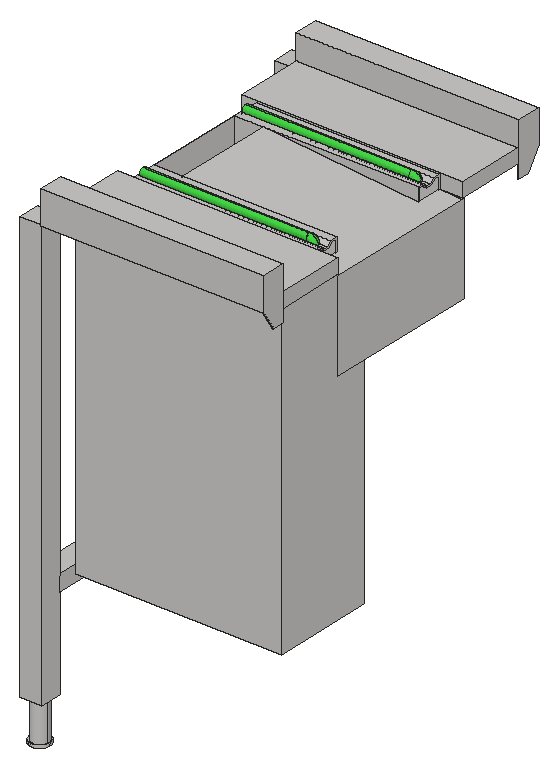
Revit family "QF_ELECTROLUXPROFESSIONAL_863167_HSBCCDULR4", category Specialty Equipment, Revit 2018
Family settings
  Round Connector Dimension = Use Diameter
  Part Type = Normal
  Work Plane-Based = No
  Always vertical = Yes
  Cut with Voids When Loaded = No
  Shared = No
  Room Calculation Point = No
Parameters (values of type "QF_ELECTROLUX_863167_HSBCCDULR4")
  Weight = 40.00 kg
  Watts = 27.8709 W
  Volts = 230 V
  URL Manufacturer = "http://professional.electrolux.com"
  URL = "http://professional.electrolux.com"
  Steam Supply Size = 0 mm
  Steam Supply Minimum Pressure = 0.0 Pa
  Steam Supply Maximum Pressure = 0.0 Pa
  Steam Pounds per Hour = 0
  Refrigeration Suction Line Size = 0 mm
  Refrigeration Liquid Line Size = 0 mm
  Refrigerant Compressor Remote = yes
  Manufacturer = "Electrolux"
  Phase = 1
  Model = "HSBCCDULR4"
  Length Actual = 400 mm  # constant formula
  Item Number = "863167"
  Hot Water Size = 0 mm
  Height Actual = 910 mm  # constant formula
  HP = "0.4 HP"
  Gas Size = 0 mm
  Gas KW = 0
  Gas Input Pressure = 0 W
  Description = "DRIVE UNIT OF CORD CONVEYOR FOR BASKETS, LEFT>RIGHT OPERATION"
  Depth Actual = 620 mm  # constant formula
  Cycle = 60 Hz
  Condensate Return Size = 0 mm
  Compressed Air Volume = 0.0 L/s
  Compressed Air Size = 0 mm
  Compressed Air Pressure = 0.0 Pa
  Cold Water Size = 0 mm
  Accessory = yes
Types (2, lengths in mm): name | URL | Manufacturer | Phase | Model | Description
  (no name) | 0 | 0 | 0 | 0 | 0
  QF_ELECTROLUX_863167_HSBCCDULR4 | "http://professional.electrolux.com" | "Electrolux" | 1 | "HSBCCDULR4" | "DRIVE UNIT OF CORD CONVEYOR FOR BASKETS, LEFT>RIGHT OPERATION"
Values of the unnamed type that differ from the named types
  Watts = 0 W
  Volts = 0 V
  URL Manufacturer = ""
  Item Number = ""
  HP = ""
  Cycle = 0 Hz
Reference planes
  plane 1 "Centro (Fronte/Retro)": y = 74.737
  plane 2: z = 0
  plane 3 "LEFT": x = -1038.761
  plane 4 "BACK": y = 384.737
  plane 5 "FRONT": y = -235.263
  plane 6: z = 910
  plane 7 "RIGHT": x = -638.761
Forms (mm)
  Extrusion 1, solid, material "QF_Finishes_Stainless Steel"
    sketch origin (0, 74.737, -30) x (1, 0, 0) y (0, 0, 1)
      loop
        line (-1079.929, 300) -> (-1079.929, 270) -> (-1039.929, 270) -> (-1039.929, 300) -> (-1079.929, 300)
    from -266.504 to 266.46
  Extrusion 2, solid, material "QF_Finishes_Stainless Steel"
    sketch origin (11.239, 0, 0) x (0, 1, 0) y (0, 0, 1)
      loop
        line (-235.263, 910) -> (-235.263, 850.033) -> (-190.242, 850.033) -> (-190.242, 910) -> (-235.263, 910)
      loop
        line (384.737, 910) -> (339.716, 910) -> (339.716, 850.033) -> (384.737, 850.033) -> (384.737, 910)
    from -1051.168 to -651.2
  Extrusion 3, solid, material "QF_Finishes_Stainless Steel"
    sketch origin (11.239, 0, 0) x (0, 1, 0) y (0, 0, 1)
      loop
        line (-66.554, 838.074) -> (-66.554, 675) -> (216.072, 675) -> (216.072, 838.074) -> (214.543, 838.074) -> (214.543, 678) -> (-65.069, 678) -> (-65.069, 838.074) -> (-66.554, 838.074)
    from -1048.8 to -651.2
  Extrusion 4, solid, material "QF_Finishes_Stainless Steel"
    sketch origin (661.239, 723.253, 4000) x (0, 1, 0) y (0, 0, 1)
      loop
        line (-958.516, -3090) -> (-958.516, -3149.967) -> (-934.752, -3185.632) -> (-913.495, -3185.632) -> (-913.495, -3090) -> (-958.516, -3090)
      loop
        line (-338.516, -3090) -> (-383.538, -3090) -> (-383.538, -3185.632) -> (-362.281, -3185.632) -> (-338.516, -3149.967) -> (-338.516, -3090)
      loop
        line (-789.808, -3325) -> (-507.182, -3325) -> (-507.182, -3163.769) -> (-789.808, -3163.769) -> (-789.808, -3325)
    from -1300 to -1301.2
  Revolve 5, solid, material "QF_Finishes_Stainless Steel"
    sketch origin (-943.761, 0, 56.967) x (0, 1, 0) y (0, 0, 1)
      loop
        line (74.737, 618.033) -> (-1.756, 618.033) -> (-1.756, 601.823) -> (0.354, 601.823)
        arc (0.354, 601.823) -> (3.64, 597.973) -> (0.351, 594.125) r 3.897
        line (0.351, 594.125) -> (-1.756, 594.125) -> (-1.756, 551.31)
        arc (-1.756, 551.31) -> (8.91, 520.632) -> (36.296, 503.17) r 49.497
        line (36.296, 503.17) -> (36.296, 500.684) -> (37.487, 497.398) -> (51.25, 491.407) -> (51.25, 455.535) -> (52.727, 454.059) -> (74.737, 454.059) -> (74.737, 618.033)
      axis (74.737, 454.059) -> (74.737, 618.033)
    angle from 0 to 360
  Extrusion 6, solid, material "QF_Finishes_Stainless Steel"
    sketch origin (-537.561, 723.253, 4000) x (0, 1, 0) y (0, 0, 1)
      loop
        line (-788.322, -3161.926) -> (-788.322, -3325) -> (-508.711, -3325) -> (-508.711, -3161.926) -> (-788.322, -3161.926)
    from -500 to -501.2
  Extrusion 7, solid, material "QF_Finishes_Stainless Steel"
    sketch origin (-638.761, 723.253, 4000) x (0, 1, 0) y (0, 0, 1)
      loop
        line (-554.766, -3322) -> (-554.766, -3139.426) -> (-544.766, -3139.426) -> (-537.695, -3146.497) -> (-527.782, -3146.497) -> (-520.711, -3139.426) -> (-510.711, -3139.426) -> (-510.711, -3322) -> (-508.711, -3322) -> (-508.711, -3137.426) -> (-521.539, -3137.426) -> (-528.61, -3144.497) -> (-536.867, -3144.497) -> (-543.938, -3137.426) -> (-556.766, -3137.426) -> (-556.766, -3322) -> (-554.766, -3322)
    from -42.135 to -372.107
  Extrusion 8, solid, material "QF_Finishes_Stainless Steel"
    sketch origin (-638.761, -573.779, 4000) x (0, -1, 0) y (0, 0, -1)
      loop
        line (-554.766, 3322) -> (-556.766, 3322) -> (-556.766, 3137.426) -> (-543.938, 3137.426) -> (-536.867, 3144.497) -> (-528.61, 3144.497) -> (-521.539, 3137.426) -> (-508.711, 3137.426) -> (-508.711, 3322) -> (-510.711, 3322) -> (-510.711, 3139.426) -> (-520.711, 3139.426) -> (-527.782, 3146.497) -> (-537.695, 3146.497) -> (-544.766, 3139.426) -> (-554.766, 3139.426) -> (-554.766, 3322)
    from -42.135 to -372.107
  Sweep 9, solid, material "QF_Finishes_Green"
    path origin (0, 168.487, 0) x (1, 0, 0) y (0, 0, 1)
      loop
        line (-1010.868, 858.082) -> (-710.868, 858.082)
        arc (-710.868, 858.082) -> (-706.488, 853.703) -> (-710.868, 849.324) r 4.379
        line (-710.868, 849.324) -> (-1010.868, 849.324)
    profile origin (-860.868, 168.487, 858.082) x (0, 0, 1) y (0, -1, 0)
      loop
        circle (4.375, -21.875) r 7
  Extrusion 10, solid, material "QF_Finishes_Stainless Steel"
    sketch origin (0, 0, 0) x (1, 0, 0) y (0, 1, 0)
      loop
        line (-639.961, -190.242) -> (-639.961, -65.069) -> (-1037.561, -65.069) -> (-1037.561, -190.242) -> (-639.961, -190.242)
    from 838.074 to 864.923
  Extrusion 11, solid, material "QF_Finishes_Stainless Steel"
    sketch origin (0, 149.474, 0) x (1, 0, 0) y (0, 1, 0)
      loop
        line (-639.961, 190.242) -> (-1037.561, 190.242) -> (-1037.561, 65.069) -> (-639.961, 65.069) -> (-639.961, 190.242)
    from 838.074 to 864.923
  Extrusion 12, solid, material "QF_Finishes_Stainless Steel"
    sketch origin (-638.761, -17.013, 621.033) x (0, 0, 1) y (1, 0, 0)
      loop
        line (241.541, -320.794) -> (214.781, -1.2) -> (211.77, -1.2) -> (238.531, -320.794) -> (241.541, -320.794)
    from 0 to 183.5
  Extrusion 13, solid, material "QF_Finishes_Stainless Steel"
    sketch origin (-638.761, 166.487, 621.033) x (0, 0, 1) y (1, 0, 0)
      loop
        line (218.209, -42.135) -> (214.781, -1.2) -> (211.77, -1.2) -> (215.198, -42.135) -> (218.209, -42.135)
    from 0 to 48.056
  Extrusion 14, solid, material "QF_Finishes_Stainless Steel"
    sketch origin (-638.761, -17.013, 621.033) x (0, 0, 1) y (-1, 0, 0)
      loop
        line (218.209, 42.135) -> (215.198, 42.135) -> (211.77, 1.2) -> (214.781, 1.2) -> (218.209, 42.135)
    from 0 to 48.056
  Sweep 15, solid, material "QF_Finishes_Green"
    path origin (0, -19.013, 0) x (1, 0, 0) y (0, 0, -1)
      loop
        line (-1010.868, -858.082) -> (-710.868, -858.082)
        arc (-710.868, -858.082) -> (-706.488, -853.703) -> (-710.868, -849.324) r 4.379
        line (-710.868, -849.324) -> (-1010.868, -849.324)
    profile origin (-860.868, -19.013, 858.082) x (0, 0, -1) y (0, 1, 0)
      loop
        circle (-4.375, -21.875) r 7
  Extrusion 16, solid, material "QF_Finishes_Stainless Steel"
    sketch origin (-1079.929, -231.771, 850.033) x (0, 1, 0) y (0, 0, -1)
      loop
        line (40, 570.033) -> (40, 11.959) -> (165.216, 11.959) -> (165.216, 175.033) -> (225, 175.033) -> (225, 570.033) -> (40, 570.033)
    from -439.968 to -69.061
  Extrusion 17, solid, material "QF_Finishes_Stainless Steel"
    sketch origin (11.239, 216.072, 862.626) x (0, 0, -1) y (-1, 0, 0)
      loop
        circle (71.992, 765.403) r 30
      loop
        circle (71.992, 765.403) r 27.49
    from 0 to 14.167
  Extrusion 18, solid, material "QF_Finishes_Stainless Steel"
    sketch origin (11.239, 216.072, 862.626) x (0, 0, -1) y (-1, 0, 0)
      loop
        circle (73.488, 764.98) r 15
      loop
        circle (73.488, 764.98) r 12.291
    from 0 to 22.028
  Extrusion 19, solid, material "QF_Finishes_Stainless Steel"
    sketch origin (-638.761, 214.543, 621.033) x (0, 0, -1) y (-1, 0, 0)
      loop
        circle (-168.106, 114.98) r 12.291
    from 0 to 21.577
  Extrusion 20, solid, material "QF_Finishes_Stainless Steel"
    sketch origin (-638.761, 214.543, 621.033) x (0, 0, -1) y (-1, 0, 0)
      loop
        arc (-180.095, 64.916) -> (-168.731, 57.53) -> (-157.367, 64.916) r 12.435
        line (-157.367, 64.916) -> (-140.419, 103.28)
        arc (-140.419, 103.28) -> (-138.507, 109.208) -> (-137.86, 115.403) r 30
        arc (-137.86, 115.403) -> (-138.493, 121.638) -> (-140.364, 127.619) r 31.053
        line (-140.364, 127.619) -> (-157.367, 165.889)
        arc (-157.367, 165.889) -> (-168.731, 173.275) -> (-180.095, 165.889) r 12.435
        line (-180.095, 165.889) -> (-197.098, 127.619)
        arc (-197.098, 127.619) -> (-198.969, 121.638) -> (-199.601, 115.403) r 31.053
        arc (-199.601, 115.403) -> (-198.955, 109.208) -> (-197.043, 103.28) r 30
        line (-197.043, 103.28) -> (-180.095, 64.916)
      loop
        arc (-198.872, 128.334) -> (-200.912, 122.011) -> (-201.601, 115.403) r 32
        arc (-201.601, 115.403) -> (-200.912, 108.795) -> (-198.872, 102.472) r 32
        line (-198.872, 102.472) -> (-181.924, 64.106)
        arc (-181.924, 64.106) -> (-168.731, 55.53) -> (-155.538, 64.106) r 14.435
        line (-155.538, 64.106) -> (-138.59, 102.472)
        arc (-138.59, 102.472) -> (-136.55, 108.795) -> (-135.86, 115.403) r 32
        arc (-135.86, 115.403) -> (-136.535, 122.046) -> (-138.531, 128.418) r 33.053
        line (-138.531, 128.418) -> (-155.539, 166.701)
        arc (-155.539, 166.701) -> (-168.731, 175.275) -> (-181.923, 166.701) r 14.435
        line (-181.923, 166.701) -> (-198.872, 128.334)
    from 1.529 to 6.738
  Extrusion 21, solid, material "QF_Finishes_Stainless Steel"
    sketch origin (-638.761, 214.543, 621.033) x (0, 0, -1) y (-1, 0, 0)
      loop
        circle (-168.731, 69.965) r 12.435
      loop
        circle (-168.731, 160.84) r 12.435
    from 1.529 to 6.738
Cuts and joins
  joined: Extrusion 2, Extrusion 3, Extrusion 4, Revolve 5, Extrusion 6
  joined: Extrusion 12, Extrusion 13, Extrusion 14
Lines and regions (mm)
  Split face 1
    outline origin (-639.961, 214.543, 678) x (-1, 0, 0) y (0, -1, 0)
      loop
        circle (303.8, 139.806) r 74.384
  Split face 2
    outline origin (-639.961, 214.543, 678) x (-1, 0, 0) y (0, -1, 0)
      loop
        circle (303.8, 139.806) r 54.384
  Split face 3
    outline origin (-639.961, 214.543, 678) x (-1, 0, 0) y (0, -1, 0)
      loop
        circle (303.8, 139.806) r 34.384
  Split face 4
    outline origin (-639.961, 214.543, 678) x (-1, 0, 0) y (0, -1, 0)
      loop
        circle (303.8, 139.806) r 14.384
  symbolic lines
    curve 1: line (-638.761, 384.737, 0) -> (-1038.761, 384.737, 0)
    curve 2: line (-1038.761, 384.737, 0) -> (-1038.761, -235.263, 0)
    curve 3: line (-1038.761, 339.716, 0) -> (-638.761, 339.716, 0)
    curve 4: line (-1038.761, -235.263, 0) -> (-638.761, -235.263, 0)
    curve 5: line (-638.761, -235.263, 0) -> (-638.761, -63.069, 0)
    curve 6: line (-638.761, -190.242, 0) -> (-1038.761, -190.242, 0)
    curve 7: line (-638.761, 74.737, 0) -> (-668.761, 74.737, 0)
    curve 8: line (-1038.761, 74.737, 0) -> (-1008.761, 74.737, 0)
    curve 9: arc (-959.555, -0.108, 0) -> (-1020.254, 74.737, 0) -> (-959.555, 149.582, 0) r 76.494
    curve 10: arc (-959.555, 90.066, 0) -> (-965.771, 74.737, 0) -> (-959.555, 59.408, 0) r 22.01
    curve 11: line (-639.961, 212.543, 0) -> (-638.761, 212.543, 0)
    curve 12: line (-639.961, 214.543, 0) -> (-1038.761, 214.543, 0)
    curve 13: line (-1010.868, 214.543, 0) -> (-1010.868, 166.487, 0)
    curve 14: line (-1010.868, 166.487, 0) -> (-639.961, 166.487, 0)
    curve 15: line (-639.961, 166.487, 0) -> (-639.961, 214.543, 0)
    curve 16: line (-954.961, 197.362, 0) -> (-639.961, 197.362, 0)
    curve 17: line (-954.961, 183.362, 0) -> (-639.961, 183.362, 0)
    curve 18: arc (-954.961, 197.362, 0) -> (-959.911, 195.312, 0) -> (-961.961, 190.362, 0) r 7
    curve 19: arc (-961.961, 190.362, 0) -> (-959.911, 185.412, 0) -> (-954.961, 183.362, 0) r 7
    curve 20: line (-638.761, 168.487, 0) -> (-639.961, 168.487, 0)
    curve 21: line (-638.761, -19.013, 0) -> (-638.761, 168.487, 0)
    curve 22: line (-639.961, -63.069, 0) -> (-638.761, -63.069, 0)
    curve 23: line (-639.961, -65.069, 0) -> (-1010.868, -65.069, 0)
    curve 24: line (-1010.868, -65.069, 0) -> (-1010.868, -17.013, 0)
    curve 25: line (-1038.761, -17.013, 0) -> (-639.961, -17.013, 0)
    curve 26: line (-639.961, -17.013, 0) -> (-639.961, -65.069, 0)
    curve 27: line (-954.961, -47.888, 0) -> (-639.961, -47.888, 0)
    curve 28: line (-954.961, -33.888, 0) -> (-639.961, -33.888, 0)
    curve 29: arc (-954.961, -47.888, 0) -> (-959.911, -45.838, 0) -> (-961.961, -40.888, 0) r 7
    curve 30: arc (-961.961, -40.888, 0) -> (-959.911, -35.938, 0) -> (-954.961, -33.888, 0) r 7
    curve 31: line (-638.761, -19.013, 0) -> (-639.961, -19.013, 0)
    curve 32: line (-638.761, 212.543, 0) -> (-638.761, 384.737, 0)
    curve 33: line (-959.555, 166.487, 0) -> (-959.555, -17.013, 0)
Dimensions and locks
  plane 3 "LEFT" to plane 7 "RIGHT" = 400 mm
  equal spacing: plane 4 "BACK", plane 1 "Centro (Fronte/Retro)", plane 5 "FRONT"
  plane 4 "BACK" to plane 5 "FRONT" = 620 mm
  cut or joined group of Extrusion 2, Extrusion 3, Extrusion 4, Revolve 5, Extrusion 6 to cut or joined group of Extrusion 2, Extrusion 3, Extrusion 4, Revolve 5, Extrusion 6 = 279.612 mm
  plane 6 to level = 910 mm
  plane 6 to Extrusion 1 = 640 mm
  cut or joined group of Extrusion 2, Extrusion 3, Extrusion 4, Revolve 5, Extrusion 6 to plane 3 "LEFT" = 95 mm
  Extrusion 1 to plane 7 "RIGHT" = 441.168 mm
  aligned and locked: level to plane 2
Automatic sketch dimensions
  Extrusion 1 sketch curve to plane 3 "LEFT" = 41.168 mm
  Extrusion 1 sketch curve to plane 3 "LEFT" = 1.168 mm
  level to Extrusion 1 sketch curve = 240 mm
  Extrusion 1 sketch curve to Extrusion 1 sketch curve = 30 mm
  Extrusion 2 sketch curve to plane 5 "FRONT" = 0 mm
  Extrusion 2 sketch curve to plane 6 = 0 mm  (x2)
  Extrusion 2 sketch curve to plane 4 "BACK" = 0 mm
  plane 5 "FRONT" to Extrusion 2 sketch curve = 45.021 mm
  Extrusion 2 sketch curve to plane 4 "BACK" = 45.021 mm
  Extrusion 2 sketch curve to Extrusion 2 sketch curve = 59.967 mm  (x2)
  Revolve 5 sketch curve to plane 1 "Centro (Fronte/Retro)" = 0 mm  (x2)
  plane 1 "Centro (Fronte/Retro)" to Revolve 5 sketch curve = 22.01 mm
  plane 1 "Centro (Fronte/Retro)" to Revolve 5 sketch curve = 23.487 mm
  plane 1 "Centro (Fronte/Retro)" to Revolve 5 sketch curve = 26.996 mm
  Revolve 5 sketch curve to Revolve 5 sketch curve = 13.764 mm
  Revolve 5 sketch curve to Revolve 5 sketch curve = 1.191 mm
  Revolve 5 sketch curve to Revolve 5 sketch curve = 47.387 mm
  Revolve 5 sketch curve to Revolve 5 sketch curve = 0.003 mm
  Revolve 5 sketch curve to Revolve 5 sketch curve = 0.61 mm
  Revolve 5 sketch curve to Revolve 5 sketch curve = 2.107 mm
  Revolve 5 sketch curve to Revolve 5 sketch curve = 2.11 mm
  level to Revolve 5 sketch curve = 511.026 mm
  Revolve 5 sketch curve to Revolve 5 sketch curve = 1.476 mm
  Revolve 5 sketch curve to Revolve 5 sketch curve = 35.872 mm
  Revolve 5 sketch curve to Revolve 5 sketch curve = 5.991 mm
  Revolve 5 sketch curve to Revolve 5 sketch curve = 3.286 mm
  Revolve 5 sketch curve to Revolve 5 sketch curve = 2.486 mm
  Revolve 5 sketch curve to Revolve 5 sketch curve = 48.139 mm
  Revolve 5 sketch curve to Revolve 5 sketch curve = 42.815 mm
  Revolve 5 sketch curve to Revolve 5 sketch curve = 3.849 mm
  Revolve 5 sketch curve to Revolve 5 sketch curve = 66.706 mm
  Revolve 5 sketch curve to Revolve 5 sketch curve = 3 mm
  Revolve 5 sketch curve to Revolve 5 sketch curve = 14.991 mm
  Extrusion 4 to Extrusion 7 sketch curve = 173.229 mm
  Extrusion 7 sketch curve to Extrusion 7 sketch curve = 2 mm  (x5)
  Extrusion 7 sketch curve to Extrusion 7 sketch curve = 10 mm
  Extrusion 7 sketch curve to Extrusion 7 sketch curve = 0.828 mm  (x4)
  Extrusion 7 sketch curve to Extrusion 7 sketch curve = 7.071 mm  (x3)
  Extrusion 7 sketch curve to Extrusion 7 sketch curve = 8.257 mm
  Extrusion 7 sketch curve to Extrusion 7 sketch curve = 44.056 mm
  Extrusion 7 sketch curve to Extrusion 7 sketch curve = 5.071 mm
  Extrusion 4 to Extrusion 8 sketch curve = 173.229 mm
  Extrusion 8 sketch curve to Extrusion 8 sketch curve = 2 mm  (x5)
  Extrusion 8 sketch curve to Extrusion 8 sketch curve = 10 mm
  Extrusion 8 sketch curve to Extrusion 8 sketch curve = 0.828 mm  (x4)
  Extrusion 8 sketch curve to Extrusion 8 sketch curve = 7.071 mm  (x2)
  Extrusion 8 sketch curve to Extrusion 8 sketch curve = 8.257 mm
  Extrusion 8 sketch curve to Extrusion 8 sketch curve = 44.056 mm
  Extrusion 8 sketch curve to Extrusion 8 sketch curve = 9.071 mm
  Sweep 9 sketch curve to plane 7 "RIGHT" = 72.107 mm
  Sweep 9 sketch curve to plane 6 = 60.676 mm
  Sweep 9 sketch curve to Sweep 9 sketch curve = 4.379 mm
  plane 3 "LEFT" to Sweep 9 sketch curve = 27.893 mm
  Sweep 9 sketch curve to Sweep 9 sketch curve = 0 mm
  Sweep 9 sketch curve to profile plane = 4.375 mm
  plane 3 "LEFT" to Extrusion 10 sketch curve = 1.2 mm
  Extrusion 10 sketch curve to plane 7 "RIGHT" = 1.2 mm
  plane 5 "FRONT" to Extrusion 10 sketch curve = 45.021 mm
  Extrusion 10 sketch curve to Extrusion 10 sketch curve = 125.173 mm
  Extrusion 11 sketch curve to plane 3 "LEFT" = 1.2 mm
  plane 7 "RIGHT" to Extrusion 11 sketch curve = 1.2 mm
  plane 4 "BACK" to Extrusion 11 sketch curve = 45.021 mm
  Extrusion 12 sketch curve to Extrusion 8 = 0 mm
  Extrusion 8 to Extrusion 12 sketch curve = 3.01 mm
  Extrusion 8 to Extrusion 12 sketch curve = 26.76 mm
  Extrusion 12 sketch curve to Extrusion 12 sketch curve = 3.01 mm
  Extrusion 8 to Extrusion 12 sketch curve = 51.312 mm
  Extrusion 12 sketch curve to Extrusion 8 = 40.935 mm
  Extrusion 13 sketch curve to Extrusion 12 = 0 mm  (x4)
  Extrusion 12 to Extrusion 13 sketch curve = 0 mm
  Extrusion 13 sketch curve to Extrusion 12 = 40.935 mm
  Extrusion 14 sketch curve to plane 7 "RIGHT" = 1.2 mm
  Extrusion 14 sketch curve to plane 6 = 77.197 mm
  Extrusion 14 sketch curve to Extrusion 14 sketch curve = 3.01 mm  (x2)
  Extrusion 14 sketch curve to Extrusion 14 sketch curve = 0.417 mm
  Extrusion 14 sketch curve to Extrusion 14 sketch curve = 40.935 mm
  Sweep 15 sketch curve to plane 7 "RIGHT" = 72.107 mm
  Sweep 15 sketch curve to plane 6 = 51.918 mm
  Sweep 15 sketch curve to Sweep 15 sketch curve = 4.379 mm
  plane 3 "LEFT" to Sweep 15 sketch curve = 27.893 mm
  Sweep 15 sketch curve to Sweep 15 sketch curve = 0 mm
  profile plane to Sweep 15 sketch curve = 4.375 mm
  Sweep 15 sketch curve to profile plane = 21.875 mm
  Sweep 9 sketch curve to profile plane = 21.875 mm
  Extrusion 11 sketch curve to Extrusion 11 sketch curve = 125.173 mm
  Extrusion 16 sketch curve to nested 2 = 0 mm
  nested 2 to Extrusion 16 sketch curve = 125.216 mm
  Extrusion 16 sketch curve to Extrusion 16 sketch curve = 185 mm
  nested 2 to Extrusion 16 sketch curve = 11.959 mm
  Extrusion 16 sketch curve to Extrusion 16 sketch curve = 163.074 mm
  nested 2 to Extrusion 16 sketch curve = 205 mm
  plane 1 "Centro (Fronte/Retro)" to Extrusion 3 sketch curve = 141.292 mm
  Extrusion 3 sketch curve to Extrusion 3 sketch curve = 1.486 mm
  Extrusion 3 sketch curve to plane 1 "Centro (Fronte/Retro)" = 139.806 mm
  Extrusion 3 sketch curve to Extrusion 3 sketch curve = 1.529 mm
  Extrusion 3 sketch curve to plane 6 = 235 mm
  Extrusion 3 sketch curve to Extrusion 3 sketch curve = 3 mm
  Extrusion 3 sketch curve to plane 6 = 71.926 mm  (x2)
  plane 1 "Centro (Fronte/Retro)" to Extrusion 6 sketch curve = 139.806 mm
  Extrusion 6 sketch curve to plane 1 "Centro (Fronte/Retro)" = 139.806 mm
  Extrusion 6 sketch curve to plane 6 = 235 mm
  Extrusion 6 sketch curve to plane 6 = 71.926 mm
  Extrusion 4 to Extrusion 7 sketch curve = 136.368 mm
  Extrusion 7 sketch curve to Extrusion 7 sketch curve = 0 mm
  Extrusion 4 to Extrusion 8 sketch curve = 136.368 mm
  Extrusion 8 sketch curve to Extrusion 8 sketch curve = 0 mm
  Extrusion 4 sketch curve to plane 5 "FRONT" = 0 mm
  Extrusion 4 sketch curve to plane 6 = 0 mm  (x2)
  Extrusion 4 sketch curve to plane 4 "BACK" = 0 mm
  plane 5 "FRONT" to Extrusion 4 sketch curve = 23.764 mm
  plane 5 "FRONT" to Extrusion 4 sketch curve = 45.021 mm
  plane 1 "Centro (Fronte/Retro)" to Extrusion 4 sketch curve = 141.292 mm
  Extrusion 4 sketch curve to plane 1 "Centro (Fronte/Retro)" = 141.335 mm
  Extrusion 4 sketch curve to plane 4 "BACK" = 45.021 mm
  Extrusion 4 sketch curve to Extrusion 4 sketch curve = 21.257 mm
  Extrusion 4 sketch curve to Extrusion 4 sketch curve = 59.967 mm  (x2)
  Extrusion 4 sketch curve to Extrusion 4 sketch curve = 35.665 mm  (x2)
  Extrusion 4 sketch curve to Extrusion 4 sketch curve = 139.368 mm
  Extrusion 4 sketch curve to plane 6 = 73.769 mm
  Extrusion 7 sketch curve to Extrusion 4 = 39.135 mm
  Extrusion 8 sketch curve to Extrusion 4 = 39.135 mm
  Extrusion 8 sketch curve to Extrusion 8 sketch curve = 5.071 mm
  Split face 1 sketch curve to Split face 1 sketch curve = 0 mm  (x2)
  cut or joined group of Extrusion 2, Extrusion 3, Extrusion 4, Revolve 5, Extrusion 6 to Split face 1 sketch curve = 93.8 mm
  cut or joined group of Extrusion 2, Extrusion 3, Extrusion 4, Revolve 5, Extrusion 6 to Split face 1 sketch curve = 139.806 mm
  cut or joined group of Extrusion 2, Extrusion 3, Extrusion 4, Revolve 5, Extrusion 6 to Split face 1 sketch curve = 65.422 mm
  cut or joined group of Extrusion 2, Extrusion 3, Extrusion 4, Revolve 5, Extrusion 6 to Split face 2 sketch curve = 93.8 mm
  cut or joined group of Extrusion 2, Extrusion 3, Extrusion 4, Revolve 5, Extrusion 6 to Split face 2 sketch curve = 139.806 mm
  Split face 2 sketch curve to Split face 2 sketch curve = 54.384 mm
  cut or joined group of Extrusion 2, Extrusion 3, Extrusion 4, Revolve 5, Extrusion 6 to Split face 3 sketch curve = 93.8 mm
  cut or joined group of Extrusion 2, Extrusion 3, Extrusion 4, Revolve 5, Extrusion 6 to Split face 3 sketch curve = 139.806 mm
  Split face 3 sketch curve to Split face 3 sketch curve = 34.384 mm
  cut or joined group of Extrusion 2, Extrusion 3, Extrusion 4, Revolve 5, Extrusion 6 to Split face 4 sketch curve = 93.8 mm
  cut or joined group of Extrusion 2, Extrusion 3, Extrusion 4, Revolve 5, Extrusion 6 to Split face 4 sketch curve = 139.806 mm
  Split face 4 sketch curve to Split face 4 sketch curve = 14.384 mm
  Extrusion 17 sketch curve to Extrusion 17 sketch curve = 0 mm  (x2)
  Extrusion 17 sketch curve to Extrusion 3 = 47.44 mm
  Extrusion 3 to Extrusion 17 sketch curve = 114.203 mm
  Extrusion 18 sketch curve to Extrusion 18 sketch curve = 0 mm  (x2)
  Extrusion 18 sketch curve to Extrusion 3 = 48.935 mm
  Extrusion 3 to Extrusion 18 sketch curve = 113.78 mm
  Extrusion 19 sketch curve to Extrusion 19 sketch curve = 0 mm  (x2)
  Extrusion 19 sketch curve to Extrusion 7 = 73.435 mm
  Extrusion 7 to Extrusion 19 sketch curve = 72.845 mm
  Extrusion 19 sketch curve to Extrusion 19 sketch curve = 12.291 mm
  Extrusion 20 sketch curve to Extrusion 20 sketch curve = 0 mm  (x11)
  Extrusion 20 sketch curve to Extrusion 7 = 42.669 mm
  Extrusion 20 sketch curve to Extrusion 20 sketch curve = 1.775 mm  (x2)
  Extrusion 20 sketch curve to Extrusion 20 sketch curve = 1.829 mm  (x4)
  Extrusion 20 sketch curve to Extrusion 20 sketch curve = 16.949 mm
  Extrusion 20 sketch curve to Extrusion 20 sketch curve = 15.175 mm
  Extrusion 20 sketch curve to Extrusion 20 sketch curve = 1.828 mm  (x2)
  Extrusion 7 to Extrusion 20 sketch curve = 22.781 mm  (x2)
  Extrusion 20 sketch curve to Extrusion 20 sketch curve = 27.441 mm  (x2)
  Extrusion 20 sketch curve to Extrusion 20 sketch curve = 0.688 mm  (x2)
  Extrusion 20 sketch curve to Extrusion 20 sketch curve = 11.364 mm  (x3)
  Extrusion 20 sketch curve to Extrusion 20 sketch curve = 0.365 mm
  Extrusion 7 to Extrusion 20 sketch curve = 21.971 mm
  Extrusion 20 sketch curve to Extrusion 20 sketch curve = 0.055 mm
  Extrusion 20 sketch curve to Extrusion 20 sketch curve = 1.833 mm
  Extrusion 20 sketch curve to Extrusion 20 sketch curve = 5.049 mm  (x2)
  Extrusion 20 sketch curve to Extrusion 20 sketch curve = 38.365 mm  (x2)
  Extrusion 20 sketch curve to Extrusion 20 sketch curve = 0.808 mm  (x2)
  Extrusion 20 sketch curve to Extrusion 20 sketch curve = 12.123 mm
  Extrusion 20 sketch curve to Extrusion 20 sketch curve = 12.216 mm  (x2)
  Extrusion 20 sketch curve to Extrusion 20 sketch curve = 0.8 mm
  Extrusion 20 sketch curve to Extrusion 20 sketch curve = 33.221 mm
  Extrusion 20 sketch curve to Extrusion 20 sketch curve = 0.812 mm
  Extrusion 21 sketch curve to Extrusion 7 = 72.81 mm  (x2)
  Extrusion 7 to Extrusion 21 sketch curve = 27.83 mm
  Extrusion 21 sketch curve to Extrusion 21 sketch curve = 90.875 mm
  curve 9 to curve 10 = 0 mm  (x2)
  curve 18 to curve 19 = 0 mm
  curve 29 to curve 30 = 0 mm
  curve 25 to plane 3 "LEFT" = 0 mm
  plane 1 "Centro (Fronte/Retro)" to curve 8 = 0 mm
  plane 1 "Centro (Fronte/Retro)" to curve 9 = 0 mm
  plane 1 "Centro (Fronte/Retro)" to curve 7 = 0 mm
  curve 11 to plane 7 "RIGHT" = 0 mm
  curve 22 to plane 7 "RIGHT" = 0 mm
  curve 21 to plane 7 "RIGHT" = 0 mm
  curve 5 to plane 5 "FRONT" = 0 mm
  curve 2 to plane 4 "BACK" = 0 mm
  plane 3 "LEFT" to curve 24 = 27.893 mm
  plane 3 "LEFT" to curve 13 = 27.893 mm
  curve 24 to curve 28 = 55.907 mm
  curve 13 to curve 16 = 55.907 mm
  curve 15 to plane 7 "RIGHT" = 1.2 mm
  curve 23 to plane 7 "RIGHT" = 1.2 mm
  plane 1 "Centro (Fronte/Retro)" to curve 23 = 139.806 mm
  curve 23 to curve 5 = 2 mm
  curve 23 to curve 27 = 17.181 mm
  curve 27 to curve 30 = 7 mm
  curve 28 to curve 31 = 14.875 mm
  curve 31 to curve 25 = 2 mm
  curve 14 to plane 1 "Centro (Fronte/Retro)" = 91.75 mm
  curve 14 to curve 21 = 2 mm
  curve 33 to curve 17 = 16.875 mm
  curve 17 to curve 18 = 7 mm
  curve 16 to curve 32 = 15.181 mm
  curve 11 to curve 15 = 2 mm
  plane 3 "LEFT" to curve 8 = 30 mm
  curve 10 to curve 9 = 15.794 mm
  curve 9 to curve 30 = 4.594 mm
  curve 7 to curve 7 = 30 mm
  plane 5 "FRONT" to curve 6 = 45.021 mm
  curve 33 to curve 9 = 16.905 mm
  plane 1 "Centro (Fronte/Retro)" to curve 10 = 15.329 mm
  curve 3 to curve 1 = 45.021 mm
  radius of Sweep 9 sketch curve = 7 mm
  radius of Sweep 15 sketch curve = 7 mm
  radius of Extrusion 17 sketch curve = 30 mm
  radius of Extrusion 17 sketch curve = 27.49 mm
  radius of Extrusion 18 sketch curve = 15 mm
  radius of Extrusion 18 sketch curve = 12.291 mm
  radius of Extrusion 21 sketch curve = 12.435 mm  (x2)
Nested families
  nested 1: "Foot_40x40" at (-1059.929, 361.245, 0), type "Foot_40x40"
    with A 850.033 mm
  nested 2: "Foot_40x40" at (-1059.929, -211.771, 0), type "Foot_40x40"
    with A 850.033 mm
Connectors
  piping at (-943.761, 74.737, 511.026), diameter 30
    settings: on cut or joined group of Extrusion 2, Extrusion 3, Extrusion 4, Revolve 5, Extrusion 6, index 1, connector inside diameter 609.6 mm, connector length 0 mm, flow factor 0, pipe flow 0.0 L/s, pressure drop 0.0 Pa, fitting loss kfactor 0, connector angle 0.00°, fixture units 0, engagement length 0 mm, angle of deflection 0.00°, flow configuration 1, flow direction 2, fitting loss method 0, system type 16, joint type 0, gender type 0, connector reference index -1, connector utility 0, adjustable connector no, is connector primary yes, connector description "Drain"
Definition of nested family "Foot_40x40"
  Parameters
    A [instance] = 850 mm
  Reference planes
    plane 1 "Centro (Fronte/Retro)": y = 0
    plane 2: z = 0
    plane 3 "Centro (Sinistra/Destra)": x = 0
    plane 4: z = 850
  Forms (mm)
    Extrusion 1, solid
      sketch origin (0, 0, 0) x (1, 0, 0) y (0, 1, 0)
        loop
          circle (0, 0) r 18
      from 0 to 5
    Extrusion 2, solid
      sketch origin (0, 0, 5) x (1, 0, 0) y (0, 1, 0)
        loop
          circle (0, 0) r 15
      from 0 to 70
    Extrusion 3, solid
      sketch origin (0, 0, 75) x (1, 0, 0) y (0, 1, 0)
        loop
          line (-20, 20) -> (-20, -20) -> (20, -20) -> (20, 20) -> (-20, 20)
      from 0 to 775
  Dimensions and locks
    "A": plane 4 to plane 2
    aligned and locked: level to plane 2
    aligned and locked: plane 4 to Extrusion 3
    aligned and locked: Extrusion 1 to level
  Automatic sketch dimensions
    plane 1 "Centro (Fronte/Retro)" to Extrusion 1 sketch curve = 0 mm
    Extrusion 1 sketch curve to plane 3 "Centro (Sinistra/Destra)" = 0 mm
    Extrusion 3 sketch curve to Extrusion 3 sketch curve = 40 mm  (x2)
    radius of Extrusion 1 sketch curve = 18 mm
    radius of Extrusion 2 sketch curve to Extrusion 1 = 3 mm
